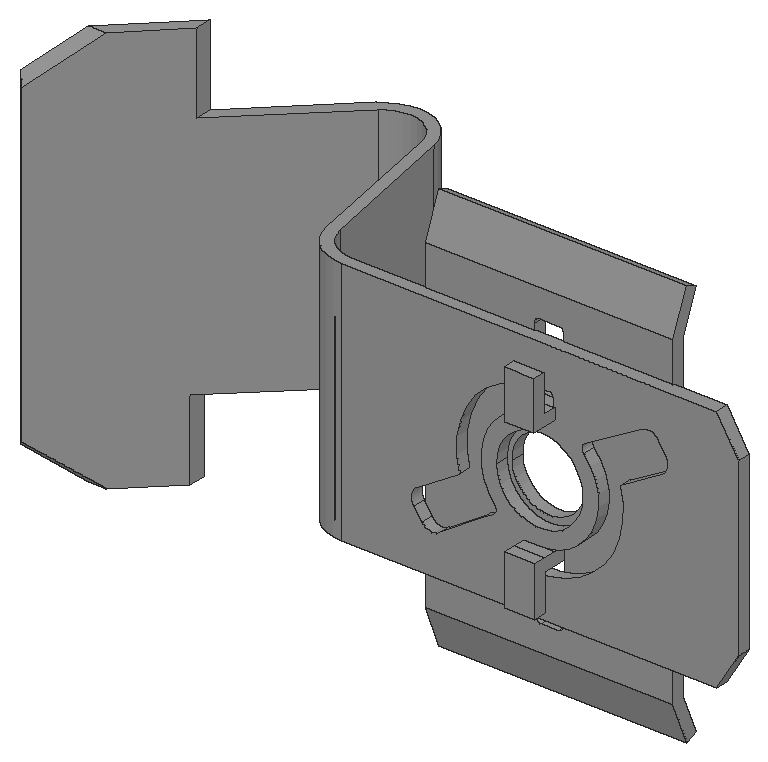
Revit family "Befestigungsclip.pdf", category Generic Models, Revit 2017
Family settings
  Can host rebar = No
  Round Connector Dimension = Use Diameter
  Part Type = Normal
  Work Plane-Based = No
  Always vertical = Yes
  Cut with Voids When Loaded = No
  Shared = No
  Room Calculation Point = No
Parameters (values of type "BC SGR A2")
  URL = "http://www.obo-bettermann.com"
  Material = Stainless steel, A2
  Manufacturer Art.No. = "6016668"
  Manufacturer = "OBO BETTERMANN"
  GTIN = "4012196434152"
  Article Type = "BC SGR A2"
Reference planes
  plane 1 "Center (Front/Back)": y = 0
  plane 2: z = 0
  plane 3 "Center (Left/Right)": x = 0
  plane 4: x = -29.75
  plane 5: x = 29.75
  plane 6: y = 18.6
  plane 7: z = 33
  plane 8: z = 16.5
  plane 9: z = 16.5
  plane 10: y = 10.27
  plane 11: x = 13.75
  plane 12: through (13.75, -1524, 16.5) normal (-0.5, 0, 0.866)
  plane 13: through (17.498, -1524, 18.664) normal (-0.5, 0, 0.866)
  plane 14: through (13.75, -1524, 16.5) normal (0.5, 0, -0.866)
  plane 15: x = 5.72
  plane 16: x = 10.264
  plane 17: z = 29.69
  plane 18: z = 3.31
  plane 19: x = 23.703
  plane 20: x = 3.703
  plane 21: x = 13.703
  plane 22: x = 13.703
  plane 23: z = 27.49
  plane 24: z = 5.51
  plane 25: x = 13.711
  plane 26: z = 23.239
  plane 27: z = 9.804
  plane 28: z = 9.89
  plane 29: z = 11.75
  plane 30: z = 11.75
Forms (mm)
  Extrusion 1, solid, material "Stainless steel, A2" <- "Material"
    sketch origin (0, 0, 0) x (1, 0, 0) y (0, 1, 0)
      loop
        line (29.75, 1) -> (-2.304, 1)
        arc (-2.304, 1) -> (-4.104, 1.655) -> (-5.062, 3.314) r 2.8
        line (-5.062, 3.314) -> (-7.211, 15.503)
        arc (-7.211, 15.503) -> (-9.779, 18.457) -> (-13.593, 17.577) r 3.8
        line (-13.593, 17.577) -> (-29.763, 1.971) -> (-29.055, 1.263) -> (-12.881, 16.883)
        arc (-12.881, 16.883) -> (-10.037, 17.539) -> (-8.122, 15.336) r 2.834
        line (-8.122, 15.336) -> (-5.971, 3.14)
        arc (-5.971, 3.14) -> (-4.672, 0.889) -> (-2.229, 0) r 3.8
        line (-2.229, 0) -> (29.75, 0) -> (29.75, 1)
    from 0 to 33
  Extrusion 2, void
    sketch origin (0, 0, 0) x (0, 1, 0) y (0, 0, 1)
      loop
        line (1, 33) -> (1, 29.012) -> (4.988, 33) -> (1, 33)
    from -30.978 to -24.067
  Extrusion 3, void
    sketch origin (0, 0, 33) x (0, 1, 0) y (0, 0, 1)
      loop
        line (1, -33) -> (4.988, -33) -> (1, -29.012) -> (1, -33)
    from -30.978 to -24.067
  Extrusion 4, void
    sketch origin (0, 0, 0) x (1, 0, 0) y (0, 0, 1)
      loop
        line (29.75, 26.5) -> (29.75, 33) -> (-21.114, 33) -> (-21.114, 26.5) -> (29.75, 26.5)
    from -18.763 to 0
  Extrusion 5, void
    sketch origin (0, 0, 33) x (1, 0, 0) y (0, 0, 1)
      loop
        line (29.75, -26.5) -> (-21.42, -26.5) -> (-21.42, -33) -> (29.75, -33) -> (29.75, -26.5)
    from -18.763 to 0
  Extrusion 6, void
    sketch origin (0, 0, 0) x (1, 0, 0) y (0, 0, 1)
      loop
        line (28.042, 26.5) -> (29.75, 23.542) -> (29.75, 26.5) -> (28.042, 26.5)
    from -1 to 0
  Extrusion 7, void
    sketch origin (0, 0, 33) x (1, 0, 0) y (0, 0, 1)
      loop
        line (28.042, -26.5) -> (29.75, -26.5) -> (29.75, -23.542) -> (28.042, -26.5)
    from -1 to 0
  Extrusion 8, void
    sketch origin (0, 0, 0) x (1, 0, 0) y (0, 0, 1)
      loop
        circle (13.75, 16.5) r 3.485
      loop
        arc (14.88, 22.632) -> (14.757, 23.025) -> (14.393, 23.218) r 0.541
        arc (14.393, 23.218) -> (8.585, 20.841) -> (7.241, 14.712) r 6.753
        line (7.241, 14.712) -> (3.888, 12.535)
        arc (3.888, 12.535) -> (3.44, 11.884) -> (3.584, 11.107) r 1.032
        line (3.584, 11.107) -> (4.223, 10.124)
        arc (4.223, 10.124) -> (4.851, 9.692) -> (5.6, 9.831) r 0.995
        line (5.6, 9.831) -> (9.153, 12.138) -> (10.01, 12.695)
        arc (10.01, 12.695) -> (10.232, 13.041) -> (10.12, 13.437) r 0.5
        arc (10.12, 13.437) -> (9.553, 18.724) -> (14.246, 21.224) r 4.75
        arc (14.246, 21.224) -> (14.617, 21.335) -> (14.797, 21.678) r 0.5
        line (14.797, 21.678) -> (14.88, 22.632)
      loop
        arc (17.42, 20.466) -> (17.165, 20.096) -> (17.292, 19.665) r 0.523
        arc (17.292, 19.665) -> (17.995, 14.37) -> (13.329, 11.769) r 4.75
        arc (13.329, 11.769) -> (12.93, 11.643) -> (12.736, 11.272) r 0.546
        line (12.736, 11.272) -> (12.657, 10.361)
        arc (12.657, 10.361) -> (12.78, 9.968) -> (13.146, 9.777) r 0.539
        arc (13.146, 9.777) -> (18.964, 12.213) -> (20.229, 18.393) r 6.75
        line (20.229, 18.393) -> (23.588, 20.332)
        arc (23.588, 20.332) -> (24.053, 20.939) -> (23.954, 21.698) r 1
        line (23.954, 21.698) -> (23.354, 22.737)
        arc (23.354, 22.737) -> (22.746, 23.203) -> (21.988, 23.103) r 1
        line (21.988, 23.103) -> (17.42, 20.466)
    from -1 to 0
  Extrusion 9, solid, material "Stainless steel, A2" <- "Material"
    sketch origin (0, 0, 0) x (0, 1, 0) y (0, 0, 1)
      loop
        line (0.993, 29.69) -> (0.993, 3.31) -> (2.33, 0) -> (3.257, 0.375) -> (1.993, 3.504) -> (1.993, 29.496) -> (3.257, 32.625) -> (2.33, 33) -> (0.993, 29.69)
    from 3.703 to 23.703
  Extrusion 10, void
    sketch origin (0, 0, 0) x (1, 0, 0) y (0, 0, 1)
      loop
        circle (13.703, 16.5) r 2.979
    from 0 to -1.993
  Extrusion 11, void
    sketch origin (0, 0, 0) x (1, 0, 0) y (0, 0, 1)
      loop
        line (14.403, 27.49) -> (13.003, 27.49)
        arc (13.003, 27.49) -> (12.649, 27.344) -> (12.503, 26.99) r 0.5
        line (12.503, 26.99) -> (12.503, 21.2) -> (14.903, 21.2) -> (14.903, 26.99)
        arc (14.903, 26.99) -> (14.756, 27.344) -> (14.403, 27.49) r 0.5
    from 0 to -1.993
  Extrusion 12, void
    sketch origin (0, 0, 0) x (1, 0, 0) y (0, 0, 1)
      loop
        line (14.911, 11.75) -> (12.511, 11.75) -> (12.511, 5.916)
        arc (12.511, 5.916) -> (12.657, 5.563) -> (13.011, 5.416) r 0.5
        line (13.011, 5.416) -> (14.411, 5.416)
        arc (14.411, 5.416) -> (14.764, 5.563) -> (14.911, 5.916) r 0.5
        line (14.911, 5.916) -> (14.911, 11.75)
    from 0 to -1.993
  Extrusion 13, solid, material "Stainless steel, A2" <- "Material"
    sketch origin (0, 0, 0) x (0, 1, 0) y (0, 0, 1)
      loop
        line (0, 22.15) -> (-1.048, 22.15) -> (-1.048, 25.166) -> (-2.034, 25.166) -> (-2.034, 21.2) -> (0.978, 21.2) -> (1.971, 21.2) -> (1.971, 22.15) -> (0.978, 22.15) -> (0, 22.15)
    from 14.903 to 12.503
  Extrusion 14, solid, material "Stainless steel, A2" <- "Material"
    sketch origin (0, 0, 0) x (0, 1, 0) y (0, 0, 1)
      loop
        line (0, 11.75) -> (-0.968, 11.75) -> (-2.011, 11.75) -> (-2.011, 7.72) -> (-0.968, 7.72) -> (-0.968, 10.713) -> (0, 10.713) -> (1.993, 10.713) -> (1.993, 11.75) -> (0, 11.75)
    from 14.903 to 12.503
Cuts and joins
  Extrusion 2, Extrusion 3, Extrusion 4, Extrusion 5, Extrusion 6, Extrusion 7, Extrusion 8 cuts Extrusion 1
  Extrusion 10, Extrusion 11, Extrusion 12 cuts Extrusion 9
Dimensions and locks
  plane 4 to plane 3 "Center (Left/Right)" = 29.75 mm
  plane 3 "Center (Left/Right)" to plane 5 = 29.75 mm
  locked: plane 4 to plane 5 at 59.5
  locked: plane 1 "Center (Front/Back)" to plane 6 at 18.6
  locked: Extrusion 1 sketch curve to Extrusion 1 sketch curve at 1  (x2)
  locked: Extrusion 1 sketch curve to Extrusion 1 sketch curve at 0.926
  locked: Extrusion 1 sketch curve to Extrusion 1 sketch curve at 26.203
  locked: Extrusion 1 sketch curve to Extrusion 1 sketch curve at 59.545
  locked: plane 4 to Extrusion 1 sketch curve at 59.5
  locked: plane 7 to level at 33
  locked: plane 10 to plane 1 "Center (Front/Back)" at 10.27
  locked: cut or joined group 1 (Extrusion 1, Extrusion 2, Extrusion 3, Extrusion 4, Extrusion 5, Extrusion 6, Extrusion 7, Extrusion 8) to plane 11 at 16
  locked: cut or joined group 1 to Extrusion 8 sketch curve at 6.515
  locked: plane 11 to plane 15 at 8.03
  locked: Extrusion 8 sketch curve to Extrusion 8 sketch curve at 6.713
  locked: Extrusion 8 sketch curve to cut or joined group 1 at 5.942
  locked: Extrusion 8 sketch curve to cut or joined group 1 at 3.25
  plane 17 to plane 18 = 26.38 mm
  locked: plane 9 to plane 17 at 13.19
  locked: plane 18 to plane 9 at 13.19
  locked: Extrusion 9 sketch curve to Extrusion 9 sketch curve at 1  (x2)
  locked: cut or joined group 1 to Extrusion 9 sketch curve at 0.993
  locked: Extrusion 9 sketch curve to Extrusion 9 sketch curve at 33
  Extrusion 9 to Extrusion 9 = 20 mm
  locked: plane 19 to plane 20 at 20
  locked: Extrusion 9 to plane 21 at 10
  locked: plane 21 to Extrusion 10 sketch curve at 0
  locked: plane 9 to Extrusion 10 sketch curve
  locked: plane 9 to Extrusion 10 sketch curve at 2.979
  locked: cut or joined group of Extrusion 9, Extrusion 10, Extrusion 11, Extrusion 12 to plane 22 at 10
  locked: plane 9 to plane 23 at 10.99
  locked: plane 24 to plane 9 at 10.99
  locked: Extrusion 11 sketch curve to Extrusion 11 sketch curve at 2.4
  locked: plane 22 to Extrusion 11 sketch curve at 1.2
  locked: Extrusion 11 sketch curve to Extrusion 11 sketch curve at 6.29
  locked: Extrusion 11 sketch curve to plane 23 at 6.29
  locked: cut or joined group of Extrusion 9, Extrusion 10, Extrusion 11, Extrusion 12 to plane 25 at 9.992
  locked: Extrusion 12 sketch curve to Extrusion 12 sketch curve at 2.4
  locked: Extrusion 12 sketch curve to plane 25 at 1.2
  locked: plane 9 to plane 26 at 6.61
  locked: plane 27 to plane 9 at 6.61
  locked: Extrusion 13 sketch curve to Extrusion 13 sketch curve at 0.986
  locked: Extrusion 13 sketch curve to Extrusion 13 sketch curve at 0.95
  locked: Extrusion 13 sketch curve to Extrusion 13 sketch curve at 3.966
  locked: Extrusion 13 sketch curve to cut or joined group 1 at 2.034
  locked: plane 28 to plane 9 at 6.61
  locked: Extrusion 14 sketch curve to Extrusion 14 sketch curve at 1.037
  locked: Extrusion 14 sketch curve to Extrusion 14 sketch curve at 1.043
  locked: Extrusion 14 sketch curve to Extrusion 14 sketch curve at 2.994
  locked: Extrusion 12 sketch curve to Extrusion 12 sketch curve at 6.334
  locked: Extrusion 14 sketch curve to Extrusion 14 sketch curve at 4.03
  angle Extrusion 1 sketch curve to Extrusion 1 sketch curve = 56.00°
  locked: Extrusion 1 sketch curve to Extrusion 1 sketch curve (angle 100.00°)
  locked: Extrusion 9 sketch curve to plane 1 "Center (Front/Back)" (angle 22.00°)
  locked: plane 1 "Center (Front/Back)" to Extrusion 9 sketch curve (angle 22.00°)
  aligned and locked: level to plane 2
  aligned and locked: Extrusion 1 sketch curve to plane 1 "Center (Front/Back)"
  aligned and locked: plane 7 to Extrusion 1
  aligned and locked: Extrusion 1 to level
  aligned and locked: plane 7 to Extrusion 2 sketch curve
  aligned and locked: Extrusion 2 sketch curve to Extrusion 1
  aligned and locked: plane 7 to Extrusion 4 sketch curve
  aligned and locked: Extrusion 4 to Extrusion 1
  aligned and locked: Extrusion 1 to Extrusion 6
  aligned and locked: Extrusion 1 to Extrusion 8  (x2)
  aligned and locked: plane 18 to Extrusion 9 sketch curve
  aligned and locked: plane 17 to Extrusion 9 sketch curve
  aligned and locked: Extrusion 9 to plane 20
  aligned and locked: Extrusion 9 to Extrusion 10
  aligned and locked: plane 1 "Center (Front/Back)" to Extrusion 11
  aligned and locked: Extrusion 9 to Extrusion 11
  aligned and locked: plane 1 "Center (Front/Back)" to Extrusion 12
  aligned and locked: Extrusion 9 to Extrusion 12
  aligned and locked: Extrusion 13 to cut or joined group of Extrusion 9, Extrusion 10, Extrusion 11, Extrusion 12
  aligned and locked: cut or joined group of Extrusion 9, Extrusion 10, Extrusion 11, Extrusion 12 to Extrusion 13  (x2)
  aligned and locked: Extrusion 14 to cut or joined group of Extrusion 9, Extrusion 10, Extrusion 11, Extrusion 12
  aligned and locked: cut or joined group of Extrusion 9, Extrusion 10, Extrusion 11, Extrusion 12 to Extrusion 14  (x2)
  aligned and locked: Extrusion 14 to Extrusion 13
  aligned and locked: Extrusion 13 to Extrusion 14
  aligned and locked: Extrusion 14 sketch curve to Extrusion 14 sketch curve
  aligned and locked: Extrusion 13 sketch curve to cut or joined group 1
Automatic sketch dimensions
  Extrusion 1 sketch curve to plane 3 "Center (Left/Right)" = 2.229 mm
  Extrusion 1 sketch curve to Extrusion 1 sketch curve = 0.075 mm
  Extrusion 1 sketch curve to plane 1 "Center (Front/Back)" = 3.314 mm
  Extrusion 1 sketch curve to plane 6 = 3.097 mm
  Extrusion 1 sketch curve to plane 6 = 3.264 mm
  Extrusion 1 sketch curve to Extrusion 1 sketch curve = 2.791 mm
  Extrusion 1 sketch curve to Extrusion 1 sketch curve = 0.041 mm
  Extrusion 1 sketch curve to plane 6 = 0.998 mm
  Extrusion 1 sketch curve to Extrusion 1 sketch curve = 0.017 mm
  Extrusion 2 sketch curve to Extrusion 2 sketch curve = 3.988 mm
  Extrusion 2 sketch curve to plane 7 = 3.988 mm
  Extrusion 3 sketch curve to level = 0 mm
  plane 1 "Center (Front/Back)" to Extrusion 3 sketch curve = 1 mm
  Extrusion 3 sketch curve to Extrusion 3 sketch curve = 3.988 mm
  Extrusion 3 sketch curve to level = 3.988 mm
  Extrusion 4 sketch curve to plane 3 "Center (Left/Right)" = 21.114 mm
  Extrusion 4 sketch curve to plane 7 = 6.5 mm
  Extrusion 5 sketch curve to level = 0 mm
  Extrusion 5 sketch curve to level = 6.5 mm
  plane 3 "Center (Left/Right)" to Extrusion 5 sketch curve = 21.42 mm
  Extrusion 5 sketch curve to plane 3 "Center (Left/Right)" = 29.75 mm
  Extrusion 6 sketch curve to plane 7 = 6.5 mm
  plane 3 "Center (Left/Right)" to Extrusion 6 sketch curve = 28.042 mm
  plane 8 to Extrusion 6 sketch curve = 7.042 mm
  Extrusion 6 sketch curve to Extrusion 6 sketch curve = 1.708 mm
  Extrusion 7 sketch curve to level = 6.5 mm
  Extrusion 7 sketch curve to plane 3 "Center (Left/Right)" = 28.042 mm
  plane 8 to Extrusion 7 sketch curve = 7.042 mm
  Extrusion 7 sketch curve to Extrusion 7 sketch curve = 1.708 mm
  Extrusion 8 sketch curve to Extrusion 8 sketch curve = 0 mm  (x5)
  Extrusion 8 sketch curve to plane 8 = 0 mm
  Extrusion 8 sketch curve to plane 11 = 0 mm
  Extrusion 8 sketch curve to plane 11 = 0.469 mm
  Extrusion 8 sketch curve to plane 11 = 0.556 mm
  Extrusion 8 sketch curve to Extrusion 8 sketch curve = 0.544 mm
  Extrusion 8 sketch curve to Extrusion 8 sketch curve = 0.537 mm
  Extrusion 8 sketch curve to plane 16 = 0.254 mm
  Extrusion 8 sketch curve to Extrusion 8 sketch curve = 0.272 mm
  Extrusion 8 sketch curve to Extrusion 8 sketch curve = 0.857 mm
  plane 15 to Extrusion 8 sketch curve = 1.521 mm
  Extrusion 8 sketch curve to plane 15 = 0.12 mm
  Extrusion 8 sketch curve to plane 15 = 0.662 mm
  Extrusion 8 sketch curve to Extrusion 8 sketch curve = 0.608 mm
  Extrusion 8 sketch curve to Extrusion 8 sketch curve = 0.835 mm
  Extrusion 8 sketch curve to Extrusion 8 sketch curve = 0.562 mm
  Extrusion 8 sketch curve to Extrusion 8 sketch curve = 0.865 mm
  plane 11 to Extrusion 8 sketch curve = 0 mm
  plane 11 to Extrusion 8 sketch curve = 0.004 mm
  plane 11 to Extrusion 8 sketch curve = 0.549 mm
  plane 11 to Extrusion 8 sketch curve = 0.591 mm
  Extrusion 8 sketch curve to Extrusion 8 sketch curve = 0.498 mm
  Extrusion 8 sketch curve to Extrusion 8 sketch curve = 0.539 mm
  Extrusion 8 sketch curve to Extrusion 8 sketch curve = 2.623 mm
  Extrusion 8 sketch curve to Extrusion 8 sketch curve = 0.261 mm
  plane 8 to Extrusion 8 sketch curve = 1.893 mm
  Extrusion 8 sketch curve to Extrusion 8 sketch curve = 1.758 mm
  Extrusion 8 sketch curve to Extrusion 8 sketch curve = 0.5 mm
  Extrusion 8 sketch curve to Extrusion 8 sketch curve = 0.6 mm
  plane 8 to Extrusion 8 sketch curve = 6.237 mm
  plane 8 to Extrusion 8 sketch curve = 3.832 mm
  Extrusion 8 sketch curve to plane 8 = 0.005 mm
  Extrusion 8 sketch curve to plane 8 = 1.788 mm
  Extrusion 8 sketch curve to Extrusion 8 sketch curve = 0.419 mm
  Extrusion 8 sketch curve to Extrusion 8 sketch curve = 1.423 mm
  Extrusion 8 sketch curve to Extrusion 8 sketch curve = 0.048 mm
  plane 8 to Extrusion 8 sketch curve = 0 mm
  Extrusion 8 sketch curve to Extrusion 8 sketch curve = 1.54 mm
  Extrusion 9 sketch curve to level = 0 mm
  Extrusion 9 sketch curve to plane 17 = 0.194 mm
  Extrusion 11 sketch curve to plane 23 = 0.5 mm
  Extrusion 11 sketch curve to Extrusion 11 sketch curve = 0.5 mm
  plane 19 to Extrusion 4 sketch curve = 6.047 mm
  Extrusion 12 sketch curve to plane 29 = 0 mm
  Extrusion 12 sketch curve to Extrusion 12 sketch curve = 0.5 mm  (x2)
  Extrusion 14 sketch curve to plane 1 "Center (Front/Back)" = 0 mm  (x2)
  Extrusion 14 sketch curve to Extrusion 14 sketch curve = 0.968 mm  (x2)
  Extrusion 14 sketch curve to plane 1 "Center (Front/Back)" = 1.993 mm
  plane 28 to Extrusion 14 sketch curve = 0.823 mm
  Extrusion 13 sketch curve to plane 1 "Center (Front/Back)" = 0 mm
  Extrusion 13 sketch curve to Extrusion 13 sketch curve = 0.993 mm
  Extrusion 13 sketch curve to Extrusion 13 sketch curve = 0 mm
  Extrusion 13 sketch curve to plane 26 = 2.039 mm
